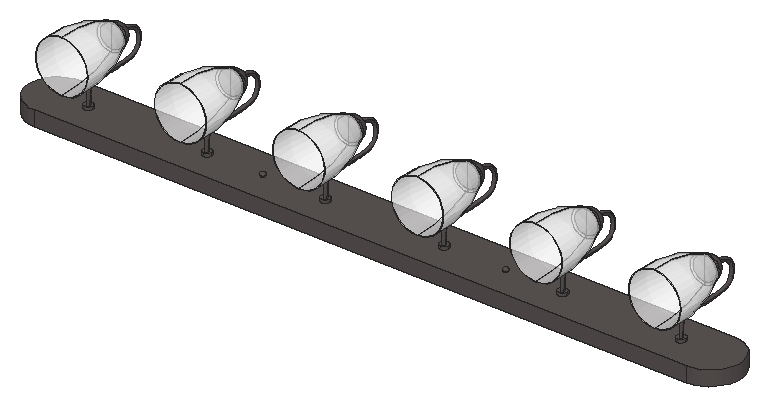
Revit family "P2714-20 6-100W MED BATH BRACKET", category Lighting Fixtures, host Face, Revit 2012
Parameters (values of type "P2714-20 6-100W MED BATH BRACKET")
  Wattage Comments = "100 W"  # constant formula
  URL = "http://www.progresslighting.com/"
  Product Page URL = "http://www.progresslighting.com/products.aspx?product=P2714-20"
  Product Documentation Link = "http://www.progresslighting.com/SpecSheets/P2714.pdf"
  Mounting = "Wall Mount"  # constant formula
  Model = "P2714-20"  # constant formula
  Manufacturer Phone = "864-678-1000"  # constant formula
  Manufacturer Fax = "864-678-1065"  # constant formula
  Manufacturer = "Progress Lighting"  # constant formula
  Lamp = "Four"  # constant formula
  Glass = Ethed Glass Shade
  Description = "Six-light bath"  # constant formula
  Default Elevation = 48"
  Back Plate = Painted Antique Bronze
Reference planes (in)
  plane 1 "Center (Front/Back)": y = 0
  plane 2: z = 0
  plane 3 "Center (Left/Right)": x = 0
  plane 4: y = 2
  plane 5: y = -1.992
  plane 6: z = 1
Forms (in)
  Extrusion 1, solid, material "Painted Antique Bronze" <- "Back Plate"
    sketch origin (0, 0.53536, 0) x (1, 0, 0) y (0, 1, 0)
      loop
        arc (-22.00518, 1.46056) -> (-24.00118, -0.53544) -> (-22.00518, -2.53144) r 1.996
        line (-22.00518, -2.53144) -> (22.0039, -2.53144)
        arc (22.0039, -2.53144) -> (23.9999, -0.53544) -> (22.0039, 1.46056) r 1.996
        line (22.0039, 1.46056) -> (-22.00518, 1.46056)
    from 0 to 1
  Revolve 2, solid, material "Painted Antique Bronze" <- "Back Plate"
    sketch origin (-0.09181, -0.00139, 1.08723) x (1, 0, 0) y (0, 1, 0)
      loop
        arc (-8.10963, -0.13694) -> (-7.95963, 0.01306) -> (-8.10963, 0.16306) r 0.15
        line (-8.10963, 0.16306) -> (-8.10963, -0.13694)
      axis (-8.10963, -0.13694) -> (-8.10963, 0.16306)
    angle from 0 to 360
  Revolve 3, solid, material "Painted Antique Bronze" <- "Back Plate"
    sketch origin (16.63867, -0.00139, 1.08725) x (1, 0, 0) y (0, 1, 0)
      loop
        arc (-8.43867, -0.1474) -> (-8.29127, 0) -> (-8.43867, 0.1474) r 0.1474
        line (-8.43867, 0.1474) -> (-8.43867, -0.1474)
      axis (-8.43867, -0.1474) -> (-8.43867, 0.1474)
    angle from 0 to 360
Dimensions and locks (in)
  plane 4 to plane 1 "Center (Front/Back)" = 2"
  locked: plane 6 to plane 2 at 1
  Extrusion 1 sketch curve to plane 1 "Center (Front/Back)" = 1.99591"
  Extrusion 1 sketch curve to Extrusion 1 sketch curve = 44.00908"  (x2)
  plane 5 to Extrusion 1 sketch curve = 3.98791"
  locked: plane 1 "Center (Front/Back)" to Extrusion 1 at 1.99591
  plane 1 "Center (Front/Back)" to Extrusion 1 = 1.99591"  (x2)
  plane 4 to Extrusion 1 sketch curve = 3.99608"
  locked: Extrusion 1 sketch curve to Extrusion 1 sketch curve at 3.992
  Extrusion 1 sketch curve to plane 4 = 0.00409"
  nested 1 to plane 1 "Center (Front/Back)" = 1.05008"
  locked: nested 2 to plane 1 "Center (Front/Back)" at 1.0562
  nested 1 to plane 3 "Center (Left/Right)" = 12"
  locked: nested 3 to plane 1 "Center (Front/Back)" at 1.05646
  locked: nested 4 to plane 1 "Center (Front/Back)" at 1.06
  locked: Revolve 3 sketch curve to Revolve 3 sketch curve at 0.35175
  plane 3 "Center (Left/Right)" to Revolve 3 sketch curve = 8.2"
  Revolve 2 sketch curve to plane 3 "Center (Left/Right)" = 8.20143"
  locked: Revolve 2 sketch curve to Revolve 2 sketch curve at 0.3931
  nested 1 to nested 4 = 24"
  nested 1 to nested 2 = 8"
  locked: nested 5 to plane 1 "Center (Front/Back)" at 1.05
  locked: Extrusion 1 to plane 1 "Center (Front/Back)" at 1.99608
  locked: nested 6 to plane 1 "Center (Front/Back)" at 1.05008
  locked: nested 5 to plane 3 "Center (Left/Right)" at 20
  locked: nested 2 to plane 3 "Center (Left/Right)" at 4
  locked: nested 5 to nested 1 at 8
  locked: nested 1 to nested 2 at 8
  locked: nested 2 to nested 3 at 8
  locked: nested 3 to nested 4 at 8
  locked: nested 4 to nested 6 at 8
  locked: nested 1 to plane 1 "Center (Front/Back)" at 1.05008
  radius of Extrusion 1 sketch curve = 1.996"  (x2)
  aligned and locked: plane 2 to host face
  aligned and locked: level to host face
  aligned and locked: plane 6 to Extrusion 1
  aligned and locked: Extrusion 1 to host face
  aligned and locked: Revolve 2 sketch curve to Revolve 2 sketch curve
Nested families (in)
  nested 1: "P2706" at (-12, -1.05008, 1), type "P2706"
  nested 2: "P2706" at (-4, -1.0562, 1), type "P2706"
  nested 3: "P2706" at (4, -1.05646, 1), type "P2706"
  nested 4: "P2706" at (12, -1.06, 1), type "P2706"
  nested 5: "P2706" at (-20, -1.05, 1), type "P2706"
  nested 6: "P2706" at (20, -1.05008, 1), type "P2706"
Connectors (in)
  electrical at (-0.00064, -0.00008, 0)
    settings: on Extrusion 1, index 1, voltage 0 V, apparent load 0 VA, apparent load phase1 0 VA, apparent load phase2 0 VA, apparent load phase3 0 VA, power factor 1, load classification "Other", number of poles 1, system type 31, power factor state 1, is connector primary yes, connector utility no, sub classification motor no, connector description ""
Definition of nested family "P2706"
  Parameters (values of type "P2706")
    Wattage = 9.2903 W
    built-in parameter 1150110 = 1 (stored number, unit not read)
    built-in parameter 1114217 = 1 (stored number, unit not read)
    built-in parameter 1150109 = 1 (stored number, unit not read)
    built-in parameter 1150134 = 3
    built-in parameter 1150113 = 1 (stored number, unit not read)
    built-in parameter 1150105 = 109.82 (stored number, unit not read)
    Lumens = 1380 lm
    built-in parameter 1150115 = 1 (stored number, unit not read)
    Light Source Symbol Size = 3"
    built-in parameter 1150137 = (empty or 0)
    built-in parameter 1150139 = (empty or 0)
    built-in parameter 1150112 = 1 (stored number, unit not read)
    built-in parameter 1150114 = 1 (stored number, unit not read)
    built-in parameter 1150132 = (empty or 0)
    built-in parameter 1150102 = (empty or 0)
    built-in parameter 1150107 = 3200 (stored number, unit not read)
    built-in parameter 1150138 = (empty or 0)
    built-in parameter 1150106 = 1.0982 (stored number, unit not read)
    Glass = Ethed Glass Shade
    built-in parameter 1150104 = 13.8 (stored number, unit not read)
    Dimming Lamp Color Temperature Shift = (empty or 0)
    Default Elevation = 48"
    Color Filter = 16777215
    built-in parameter 1114218 = 1 (stored number, unit not read)
    Back Plate = Painted Antique Bronze
    built-in parameter 1150133 = 10 (stored number, unit not read)
  Reference planes (in)
    plane 1 "Center (Front/Back)": y = 0
    plane 2: z = -1.32579
    plane 3 "Center (Left/Right)": x = 0
    plane 4: z = 5.17421
    plane 5: y = 3.25
    plane 6: y = -1.19391
    plane 7: z = 1.83809
    plane 8: y = 3.08236
    plane 9: z = 5.16387
    plane 10: y = 2.16225
    plane 11: z = 3.42421
    plane 12: y = 0.95179
  Forms (in)
    Extrusion 1, solid
      sketch origin (0, 0, 0) x (1, 0, 0) y (0, 1, 0)
        loop
          line (-48, 48) -> (-48, -48) -> (48, -48) -> (48, 48) -> (-48, 48)
      from -1.32579 to -12
    Extrusion 2, solid, material "Painted Antique Bronze" <- "Back Plate"
      sketch origin (0.0516, 2.05333, 0) x (1, 0, 0) y (0, 1, 0)
        loop
          circle (-0.01972, -0.99512) r 0.3
      from 0 to 0.16387
    Sweep 3, solid, material "Painted Antique Bronze" <- "Back Plate"
      path origin (0.0516, 1.98678, 0) x (0, 1, 0) y (0, 0, 1)
        loop
          spline (-0.92936, 0.16387) -> (-0.9305, 0.83136) -> (-0.73341, 1.28118) -> (-0.14975, 1.40768) -> (0.57246, 1.42309) -> (1.27196, 1.42516) -> (1.8772, 1.42987) -> (2.42911, 1.46258) -> (2.93419, 1.60051) -> (3.27733, 2.01163) -> (3.31266, 2.65062) -> (2.88802, 3.20254) -> (2.09345, 3.42421)
      profile origin (0.0516, 3.86398, 1.42987) x (0, -0.024605, 0.999697) y (1, 0, 0)
        loop
          circle (0, -0.02216) r 0.10287
    Revolve 4, solid, material "Ethed Glass Shade" <- "Glass"
      sketch origin (0.0516, 2.23183, -1.32579) x (0, 1, 0) y (0, 0, 1)
        loop
          arc (-3.42574, 2.96847) -> (-1.28591, 3.09533) -> (0.74175, 3.79073) r 7.92917
          arc (0.74175, 3.79073) -> (0.82115, 3.86355) -> (0.85053, 3.96719) r 0.19752
          line (0.85053, 3.96719) -> (0.85053, 4.75) -> (0.80053, 4.75) -> (0.80053, 3.96826)
          arc (0.80053, 3.96826) -> (0.77833, 3.88993) -> (0.71832, 3.83491) r 0.14926
          arc (0.71832, 3.83491) -> (-1.298, 3.14391) -> (-3.42574, 3.01862) r 7.87917
          line (-3.42574, 3.01862) -> (-3.42574, 2.96847)
        axis (0.85053, 4.75) -> (-3.42574, 4.75)
      angle from 0 to 360
    Revolve 5, solid, material "Painted Antique Bronze" <- "Back Plate"
      sketch origin (0.0516, 2.21594, 0) x (0, 1, 0) y (0, 0, 1)
        loop
          line (1.9006, 3.42421) -> (0.86641, 3.42421) -> (0.86641, 2.59003) -> (0.97372, 2.571)
          arc (0.97372, 2.571) -> (1.47824, 2.84497) -> (1.86429, 3.2699) r 1.71757
          arc (1.86429, 3.2699) -> (1.89041, 3.28636) -> (1.9006, 3.3155) r 0.04679
          line (1.9006, 3.3155) -> (1.9006, 3.42421)
        axis (1.9006, 3.42421) -> (0.86641, 3.42421)
      angle from 0 to 360
  Lines and regions (in)
    model lines
      curve 1: line (0, 4.11654, 3.42463) -> (0, 4.11654, 3.3155)
      curve 2: arc (0, 4.11654, 3.3155) -> (0, 4.10635, 3.28636) -> (0, 4.08023, 3.2699) r 0.04679
      curve 3: line (0, 4.15168, 3.50559) -> (0, 4.15168, 3.42463)
  Dimensions and locks (in)
    plane 7 to plane 4 = 3.33613"
    plane 5 to plane 1 "Center (Front/Back)" = 3.25"
    Extrusion 1 to plane 4 = 6.5"
    locked: plane 6 to curve 3 at 5.3456
    plane 1 "Center (Front/Back)" to plane 6 = 1.19391"
    locked: plane 5 to plane 1 "Center (Front/Back)" at 3.25
    radius of Extrusion 2 sketch curve = 0.3"
    aligned and locked: plane 2 to Extrusion 1
    aligned and locked: Extrusion 2 to level
    aligned and locked: plane 11 to Sweep 3
    aligned and locked: Revolve 5 sketch curve to curve 1
    aligned and locked: Revolve 4 to plane 6
